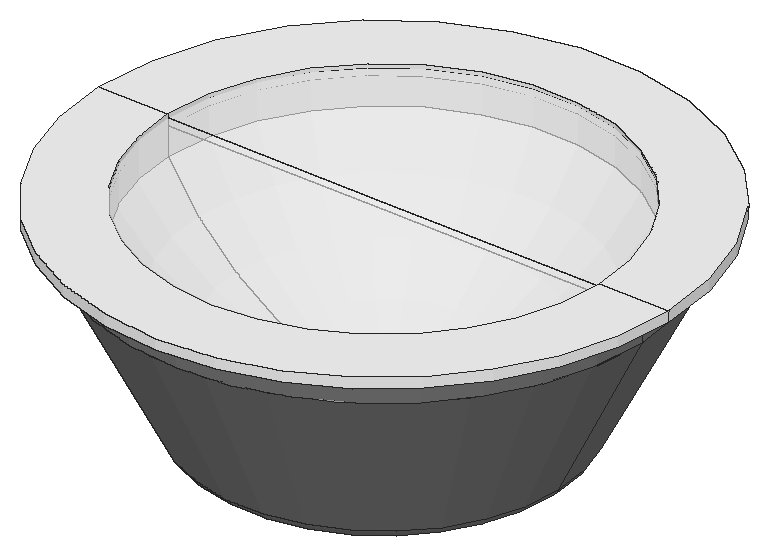
Revit family "0030300", category Lighting Fixtures, host Face, Revit 2016
Family settings
  Host = Face
  Part Type = Normal
  Round Connector Dimension = Use Diameter
  OmniClass Number = 23.80.70.00
  OmniClass Title = Lighting
  Cut with Voids When Loaded = No
  Light Source = Yes
  Shared = No
  Room Calculation Point = No
Parameters (values of type "0030300 Insaver Slim UGR19 IP44 150 1050lm 830")
  WidthBezel_SYL = if(Size1_SYL, 20 mm, if(Size2_SYL, 20 mm, if(Size3PIR_SYL, 30 mm, if(Size4_SYL, 20 mm, 20 mm))))  # 20 mm
  Weight = "5.52 kg"
  Wattage Comments = ""
  Wattage = 9 W
  WarrantyStartDate [instance] = "n/a"
  WarrantyGuarantorParts = "n/a"
  WarrantyDurationUnit = "n/a"
  WarrantyDurationParts = "n/a"
  WarrantyDescription = "n/a"
  built-in parameter 1150110 = 1 (stored number, unit not read)
  Voltage = 230 V
  VisibilityPIR_SYL = Size3PIR_SYL  # no
  URL = "http://www.sylvania-lighting.com"
  TypeName = "Insaver Slim UGR19 IP44 150 1050lm 830"
  Type Image = <None>
  Type Comments = "n/a"
  built-in parameter 1114217 = 1 (stored number, unit not read)
  Tilt Angle = -90.00°
  built-in parameter 1150109 = 1 (stored number, unit not read)
  built-in parameter 1150134 = (empty or 0)
  built-in parameter 1150113 = 1 (stored number, unit not read)
  Size4_SYL = no
  Size3PIR_SYL = no
  Size2_SYL = no
  Size1_SYL = yes
  SerialNumber [instance] = "n/a"
  RadiusTop_SYL = 6 mm
  RadiusReflector_SYL = if(Size1_SYL, 85 mm, if(Size2_SYL, 85 mm, if(Size3PIR_SYL, 85 mm, if(Size4_SYL, 100 mm, 120 mm))))  # 85 mm
  Photometric Web File = "0030300.ies"
  Material_3_FEILO = Top-Sylvania-STARTDownlight
  PowerFactor = 0.9
  PowerConsumption = "9 W"
  NominalLength = 165 mm
  NominalHeight = 50 mm
  NominalDepth = 165 mm
  Name = "Insaver Slim UGR19 IP44 150 1050lm 830"
  ModelReference = Name  # "Insaver Slim UGR19 IP44 150 1050lm 830"
  ModelNumber = "0030300"
  Model = Name  # "Insaver Slim UGR19 IP44 150 1050lm 830"
  Material = "aluminium housing, na diffuser"
  ManufacturerName = "Feilo Sylvania"
  Manufacturer = "Feilo Sylvania"
  LuminousEfficacy = "117 lm/W"
  built-in parameter 1150105 = 83.795 (stored number, unit not read)
  Lumens = 1053 lm
  LuminaireType = ""
  built-in parameter 1150115 = 1 (stored number, unit not read)
  LightOutputRatio = "n/a"
  built-in parameter 1150137 = (empty or 0)
  built-in parameter 1150139 = (empty or 0)
  LampsType = Lamp  # "LED"
  LampNominalLuminous = "1050 lm"
  LampMacAdamStep = "5"
  LampColourTemperature = "3000 K"
  LampColourRenderingIndex = "80"
  built-in parameter 1150112 = 1 (stored number, unit not read)
  built-in parameter 1150114 = 1 (stored number, unit not read)
  Lamp = "LED"
  Keynote = "16500"
  InstallationDate [instance] = "n/a"
  InputVoltage = "AC 220-240 V"
  InputNominalFrequency = "50/60 Hz"
  built-in parameter 1150132 = (empty or 0)
  built-in parameter 1150102 = (empty or 0)
  built-in parameter 1150107 = 3000 (stored number, unit not read)
  built-in parameter 1150138 = (empty or 0)
  IngressProtection = "IP40/20"
  ImpactProtectionIndex = "IK07"
  built-in parameter 1150106 = 0.83795 (stored number, unit not read)
  IfcExportType = "IfcLightFixtureType"
  IfcExportAs = "IfcLightFixtureType"
  Height_SYL = if(Size1_SYL, 61 mm, if(Size2_SYL, 61 mm, if(Size3PIR_SYL, 61 mm, if(Size4_SYL, 61 mm, 60 mm))))  # 61 mm
  HeightBezel_SYL = if(Size1_SYL, 3 mm, if(Size2_SYL, 3 mm, if(Size3PIR_SYL, 3 mm, if(Size4_SYL, 3.2 mm, 3 mm))))  # 3 mm
  ExpectedLife = 50000
  Emit from Circle Diameter = Diameter_SYL - 40 mm  # 125 mm
  Emit Shape Visible in Rendering = no
  ElectricShockClassification = "Class II"
  built-in parameter 1150104 = 10.87 (stored number, unit not read)
  DurationUnit = "hours"
  DocumentationLiterature = "http://www.sylvania-lighting.com/product/en-int/products/0030300"
  DimmingControlOptions = "n/a"
  Material_2_FEILO = Diffuser-Sylvania-STARTDownlight
  Dimming Lamp Color Temperature Shift = <None>
  Diameter_SYL = if(Size1_SYL, 165 mm, if(Size2_SYL, 190 mm, if(Size3PIR_SYL, 211 mm, if(Size4_SYL, 220 mm, 240 mm))))  # 165 mm
  DiameterTop_SYL = if(Size1_SYL, 98 mm, if(Size2_SYL, 122 mm, if(Size3PIR_SYL, 120 mm, if(Size4_SYL, 135 mm, 158 mm))))  # 98 mm
  DiameterTopBase_SYL = DiameterRecess_SYL  # 150 mm
  DiameterRecess_SYL = if(Size1_SYL, 150 mm, if(Size2_SYL, 170 mm, if(Size3PIR_SYL, 186 mm, if(Size4_SYL, 200 mm, 225 mm))))  # 150 mm
  Description = ""
  Default Elevation = 1219.2 mm
  CreatedOn = "3/18/2019"
  CreatedBy = "@sylvania-lighting.com"
  Cost = 0
  Color Filter = 16777215
  built-in parameter 1114216 [instance] = (empty or 0)
  ClassificationValue = "EF_70_80"
  ClassificationName = "Uniclass2015"
  Material_1_FEILO = Trim-Sylvania-STARTDownlight-White
  BarCode [instance] = "n/a"
  built-in parameter 1114218 = 1 (stored number, unit not read)
  built-in parameter 1150133 = 10 (stored number, unit not read)
  AssetType = "Fixed"
  AssetIdentifier [instance] = "n/a"
  Assembly Code = "D5020200"
  Apparent Load = 9 VA
  Material_4_FEILO = LED-Sylvania-STARTDownlight
Types (2, lengths in mm): name | Wattage | Photometric Web File | PowerConsumption | LuminousEfficacy | built-in parameter 1150105 | Lumens | LampNominalLuminous | built-in parameter 1150106 | built-in parameter 1150104 | Apparent Load
  0030300 Insaver Slim UGR19 IP44 150 1050lm 830 | 9 W | "0030300.ies" | "9 W" | "117 lm/W" | 83.795 (stored number, unit not read) | 1053 lm | "1050 lm" | 0.83795 (stored number, unit not read) | 10.87 (stored number, unit not read) | 9 VA
  0030300 Insaver Slim UGR19 IP44 150 1050lm 830 Emergency mode | 12 W | "0030300EM.ies" | "12 W" | "32.93 lm/W" | 31.446 (stored number, unit not read) | 395.16 lm | "395 lm" | 0.31446 (stored number, unit not read) | 3.0593 (stored number, unit not read) | 12 VA
Reference planes
  plane 1 "Center (Front/Back)": y = 0
  plane 2: z = 0
  plane 3 "Center (Left/Right)": x = 0
  plane 4: x = 82.5
  plane 5: x = -82.5
  plane 6: z = 3
  plane 7: z = -8
  plane 8: z = -58
  plane 9: x = -75
  plane 10: x = 75
  plane 11: x = -49
  plane 12: x = 49
  plane 13: z = -85
  plane 14: x = -62.5
  plane 15: z = 2
  plane 16: z = -46
  plane 17: x = -16
  plane 18: x = -67.5
  plane 19: x = -81.5
  plane 20: x = -99.5
  plane 21: x = -76.5
  plane 22: z = 5.5
  plane 23: z = 8.7
  plane 24: x = -75.5
  plane 25: z = 13.7
Forms (mm)
  Revolve 1, void
    sketch origin (0, 0, 0) x (1, 0, 0) y (0, 0, 1)
      loop
        line (0, 0) -> (-75, 0) -> (-75, -85) -> (0, -85) -> (0, 0)
      axis (0, 0) -> (0, -85)
    angle from 360 to 0
  Revolve 2, solid, material "Trim-Sylvania-STARTDownlight-White" <- "Material_1_FEILO"
    sketch origin (0, 0, 0) x (1, 0, 0) y (0, 0, 1)
      loop
        line (-62.5, 3) -> (-82.5, 3) -> (-82.5, 0) -> (-75, 0) -> (-75, -8) -> (-50.681, -54.768)
        arc (-50.681, -54.768) -> (-48.471, -57.129) -> (-45.357, -58) r 6
        line (-45.357, -58) -> (0, -58) -> (0, -46) -> (-16, -46)
        arc (-16, -46) -> (-42.718, -31.243) -> (-62.5, -8) r 85
        line (-62.5, -8) -> (-62.5, 3)
      axis (0, 3) -> (0, -58)
    angle from 360 to 0
  Revolve 3, solid, material "Diffuser-Sylvania-STARTDownlight" <- "Material_2_FEILO"
    sketch origin (0, 0, 0) x (1, 0, 0) y (0, 0, 1)
      loop
        line (-62.5, 0) -> (0, 0) -> (0, 2) -> (-62.5, 2) -> (-62.5, 0)
      axis (0, 2) -> (0, 0)
    angle from 360 to 0
  Revolve 4, solid, material "Trim-Sylvania-STARTDownlight-White" <- "Material_1_FEILO", visible <- "VisibilityPIR_SYL"
    sketch origin (0, 0, 0) x (1, 0, 0) y (0, 0, 1)
      loop
        line (-67.5, 3) -> (-67.5, 13.7)
        arc (-67.5, 13.7) -> (-72.217, 12.347) -> (-75.5, 8.7) r 8.9
        line (-75.5, 8.7) -> (-75.5, 5.5) -> (-76.5, 5.5) -> (-76.5, 3) -> (-67.5, 3)
      axis (-67.5, 13.7) -> (-67.5, 3)
    angle from 360 to 0
Dimensions and locks
  equal spacing: plane 4, plane 3 "Center (Left/Right)", plane 5
  "Diameter_SYL": plane 4 to plane 5
  equal spacing: plane 10, plane 3 "Center (Left/Right)", plane 9
  equal spacing: plane 12, plane 3 "Center (Left/Right)", plane 11
  "DiameterTop_SYL": plane 12 to plane 11
  "HeightBezel_SYL": plane 6 to plane 2
  "Height_SYL": plane 6 to plane 8
  locked: plane 2 to plane 7 at 8
  locked: plane 2 to plane 13 at 85
  "WidthBezel_SYL": plane 14 to plane 5
  locked: plane 6 to plane 15 at 1
  "DiameterRecess_SYL": plane 10 to plane 9
  locked: plane 3 "Center (Left/Right)" to plane 17 at 16
  locked: plane 16 to plane 8 at 12
  locked: plane 18 to plane 21 at 9
  locked: plane 22 to plane 6 at 2.5
  locked: plane 23 to plane 22 at 3.2
  locked: plane 18 to plane 24 at 8
  locked: plane 25 to plane 23 at 5
  locked: plane 25 to Revolve 4 sketch curve at 8.9
  locked: plane 18 to plane 5 at 15
  "RadiusReflector_SYL": radius of Revolve 2 sketch curve
  "RadiusTop_SYL": radius of Revolve 2 sketch curve
  aligned and locked: plane 2 to host face
  aligned and locked: level to host face
  aligned and locked: Revolve 1 sketch curve to plane 3 "Center (Left/Right)"
  aligned and locked: plane 3 "Center (Left/Right)" to Revolve 1 sketch curve
  aligned and locked: Revolve 1 sketch curve to plane 9
  aligned and locked: plane 13 to Revolve 1 sketch curve
  aligned and locked: plane 3 "Center (Left/Right)" to imposter light
  aligned and locked: imposter light to plane 15
  aligned and locked: imposter light to plane 1 "Center (Front/Back)"
  aligned and locked: Revolve 2 sketch curve to plane 3 "Center (Left/Right)"
  aligned and locked: Revolve 2 sketch curve to plane 6
  aligned and locked: Revolve 2 sketch curve to plane 5
  aligned and locked: Revolve 2 sketch curve to level
  aligned and locked: plane 7 to Revolve 2 sketch curve  (x2)
  aligned and locked: Revolve 2 sketch curve to plane 9
  aligned and locked: plane 8 to Revolve 2 sketch curve
  aligned and locked: Revolve 2 sketch curve to plane 14
  aligned and locked: plane 3 "Center (Left/Right)" to Revolve 2 sketch curve
  aligned and locked: Revolve 2 sketch curve to plane 16
  aligned and locked: Revolve 3 sketch curve to plane 3 "Center (Left/Right)"
  aligned and locked: Revolve 3 sketch curve to level
  aligned and locked: imposter light to Revolve 3 sketch curve  (x2)
  aligned and locked: Revolve 4 sketch curve to plane 18  (x2)
  aligned and locked: Revolve 4 sketch curve to plane 6
  aligned and locked: plane 22 to Revolve 4 sketch curve
  aligned and locked: plane 24 to Revolve 4 sketch curve
  aligned and locked: Revolve 4 sketch curve to Revolve 4 sketch curve
  aligned and locked: plane 21 to Revolve 4 sketch curve
Automatic sketch dimensions
  host sketch curve to host sketch curve = 2438.4 mm  (x2)
  plane 13 to Revolve 1 sketch curve = 524.6 mm
  Revolve 1 sketch curve to plane 6 = 2606.058 mm
  Revolve 1 sketch curve to level = 0 mm
  Revolve 2 sketch curve to plane 17 = 0 mm
  Revolve 2 sketch curve to plane 11 = 1.681 mm
  plane 11 to Revolve 2 sketch curve = 3.643 mm
  plane 13 to Revolve 2 sketch curve = 524.6 mm
  Revolve 2 sketch curve to Revolve 2 sketch curve = 2577.983 mm
  Revolve 3 sketch curve to plane 14 = 0 mm
  plane 13 to Revolve 3 sketch curve = 524.6 mm
  Revolve 3 sketch curve to plane 6 = 2606.058 mm
  Revolve 4 sketch curve to plane 23 = 0 mm
  plane 13 to Revolve 4 sketch curve = 524.6 mm
  Revolve 4 sketch curve to Revolve 4 sketch curve = 2595.358 mm
Connectors
  electrical at (0, 0, 0), driven by "Apparent Load", driven by "PowerFactor", driven by "Voltage"
    settings: index 1, voltage 230 V, apparent load 9 VA, apparent load phase1 0 VA, apparent load phase2 0 VA, apparent load phase3 0 VA, power factor 0.9, load classification "Lighting", number of poles 1, system type 30, power factor state 1, is connector primary yes, connector utility no, sub classification motor no, connector description ""
